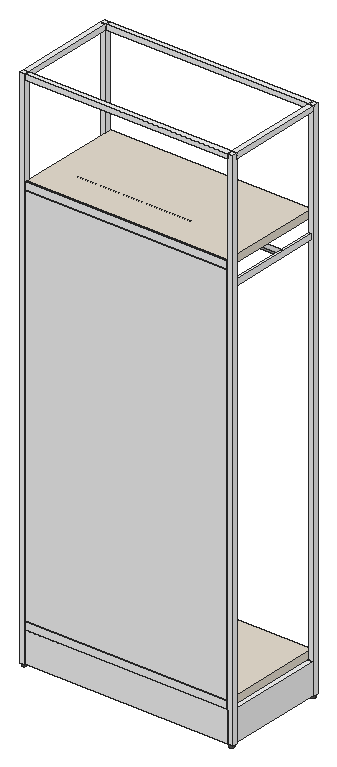
Revit family "Lives Shelf_Coat hanger Unit 900W450D2236H_ML1EHLN_m01", category Furniture, Revit 2019
Family settings
  OmniClass Number = 23.40.20.00
  OmniClass Title = General Furniture and Specialties
  Work Plane-Based = No
  Always vertical = Yes
  Cut with Voids When Loaded = No
  Shared = No
  Room Calculation Point = No
Parameters (values of type "MU03（プライズウッドライト/ネオホワイト）")
  Manufacturer = "株式会社オカムラ"
  製品名称 [instance] = "ライブス シェルフ"  # constant formula
  製品仕様 [instance] = "コートハンガーユニット ハイタイプ 木棚板"  # constant formula
  製品コード/色仕様 = "ML1EHE"  # constant formula
  製品コード [instance] = "ML1EHE"  # constant formula
  製品カテゴリ = "クリエイティブファニチュア"  # constant formula
  色仕様名称 [instance] = "プライズウッドライト/ネオホワイト"
  色仕様コード [instance] = "MU03"
  支柱 = okm_ZA75
  天板 = okm_MX61
  導入日 [instance] = ""
  区分 = "シェルフ"  # constant formula
  共通仕様 = ""
  備考 = ""
  シリアルNo [instance] = ""
  Keynote = "12490"
  Assembly Code = "E2020200"
  W = 35.43307"
  URL = "http://www.okamura.co.jp/"
  Product_URL = ""
  ID [instance] = ""
  H = 88.0315"
  D = 17.71654"
  Copyright [instance] = "©2020.04 okamura Corp."  # constant formula
Types (15): name | 色仕様名称 | 色仕様コード | 支柱 | 天板
  (no name) | "プライズウッドライト/ネオホワイト" | "MU03" | okm_ZA75 | okm_MX61
  MDY7（プライズウッドライト/ブラック） | "プライズウッドライト/ブラック" | "MDY7" | okm_Z25 | okm_MX61
  MDY8（プライズウッドミディアム/ブラック） | "プライズウッドミディアム/ブラック" | "MDY8" | okm_Z25 | okm_MX62
  MDY9（プライズウッドダーク/ブラック） | "プライズウッドダーク/ブラック" | "MDY9" | okm_Z25 | okm_MX63
  MU03（プライズウッドライト/ネオホワイト） | "プライズウッドライト/ネオホワイト" | "MU03" | okm_ZA75 | okm_MX61
  MU04（プライズウッドミディアム/ネオホワイト） | "プライズウッドミディアム/ネオホワイト" | "MU04" | okm_ZA75 | okm_MX62
  MU05（プライズウッドダーク/ネオホワイト） | "プライズウッドダーク/ネオホワイト" | "MU05" | okm_ZA75 | okm_MX63
  MGM4（ビンテージエルム/ネオホワイト） | "ビンテージエルム/ネオホワイト" | "MGM4" | okm_ZA75 | okm_MEP4
  MGM1（チョークドエルム/ネオホワイト） | "チョークドエルム/ネオホワイト" | "MGM1" | okm_ZA75 | okm_MEP1
  MGM2（ソーンオーク/ネオホワイト） | "ソーンオーク/ネオホワイト" | "MGM2" | okm_ZA75 | okm_MEP2
  MGM3（ラスティックパイン/ネオホワイト） | "ラスティックパイン/ネオホワイト" | "MGM3" | okm_ZA75 | okm_MEP3
  MGL4（ビンテージエルム/ブラック） | "ビンテージエルム/ブラック" | "MGL4" | okm_Z25 | okm_MEP4
  MGL1（チョークドエルム/ブラック） | "チョークドエルム/ブラック" | "MGL1" | okm_Z25 | okm_MEP1
  MGL2（ソーンオーク/ブラック） | "ソーンオーク/ブラック" | "MGL2" | okm_Z25 | okm_MEP2
  MGL3（ラスティックパイン/ブラック） | "ラスティックパイン/ブラック" | "MGL3" | okm_Z25 | okm_MEP3
Reference planes (in)
  plane 1 "中心(正面/背面)": y = -3.93701
  plane 2: z = 0
  plane 3 "中心(左/右)": x = -5.90551
  plane 4 "左": x = -23.62205
  plane 5 "右": x = 11.81102
  plane 6 "背面": y = 4.92126
  plane 7 "正面": y = -12.79528
  plane 8 "上": z = 88.0315
  plane 9: z = 87.20472
Forms (in)
  Extrusion 1, solid, material "okm_ZA75" <- "支柱"
    sketch origin (0, 0.04921, 0) x (1, 0, 0) y (0, 1, 0)
      loop
        line (10.88583, -11.91929) -> (10.88583, -12.74606) -> (11.7126, -12.74606) -> (11.7126, -11.91929) -> (10.88583, -11.91929)
      loop
        line (10.88583, 4.87205) -> (10.88583, 4.04528) -> (11.7126, 4.04528) -> (11.7126, 4.87205) -> (10.88583, 4.87205)
      loop
        line (-22.69685, -11.91929) -> (-23.52362, -11.91929) -> (-23.52362, -12.74606) -> (-22.69685, -12.74606) -> (-22.69685, -11.91929)
      loop
        line (-22.69685, 4.87205) -> (-23.52362, 4.87205) -> (-23.52362, 4.04528) -> (-22.69685, 4.04528) -> (-22.69685, 4.87205)
    from 0.3937 to 88.0315
  Extrusion 2, solid, material "okm_MX61" <- "天板"
    sketch origin (0, 0.04921, -7.45952) x (1, 0, 0) y (0, 1, 0)
      loop
        line (-22.61811, 4.87205) -> (-22.61811, -12.54921) -> (10.80709, -12.54921) -> (10.80709, 4.87205) -> (-22.61811, 4.87205)
    from 12.97134 to 14.15244
  Extrusion 3, solid, material "okm_ZA75" <- "支柱"
    sketch origin (0, 0.04921, 0) x (1, 0, 0) y (0, 1, 0)
      loop
        line (-23.52362, 4.04528) -> (-23.52362, -11.91929) -> (-22.69685, -11.91929) -> (-22.69685, 4.04528) -> (-23.52362, 4.04528)
      loop
        line (11.7126, 4.04528) -> (10.88583, 4.04528) -> (10.88583, -11.91929) -> (11.7126, -11.91929) -> (11.7126, 4.04528)
    from 88.0315 to 87.20472
  Extrusion 4, solid, material "okm_ZA75" <- "支柱"
    sketch origin (0, 0.04921, 18.11024) x (0, -1, 0) y (1, 0, 0)
      loop
        line (-4.04528, -22.61811) -> (-4.04528, -23.44488) -> (11.91929, -23.44488) -> (11.91929, -22.61811) -> (-4.04528, -22.61811)
      loop
        line (-4.04528, 11.63386) -> (-4.04528, 10.80709) -> (11.91929, 10.80709) -> (11.91929, 11.63386) -> (-4.04528, 11.63386)
    from -12.59843 to -17.71654
  Extrusion 5, solid, material "okm_ZA75" <- "支柱"
    sketch origin (-7.87402, -7.8248, 18.11024) x (-1, 0, 0) y (0, -1, 0)
      loop
        line (14.82283, -11.84055) -> (-18.75984, -11.84055) -> (-18.75984, -12.66732) -> (14.82283, -12.66732) -> (14.82283, -11.84055)
      loop
        line (14.82283, 4.79331) -> (-18.75984, 4.79331) -> (-18.75984, 3.96654) -> (14.82283, 3.96654) -> (14.82283, 4.79331)
    from -12.59843 to -17.71654
  Extrusion 6, solid, material "okm_G155"
    sketch origin (0, 0.04921, 0) x (1, 0, 0) y (0, 1, 0)
      loop
        circle (-23.11024, 4.45866) r 0.3937
      loop
        circle (-23.11024, -12.33268) r 0.3937
      loop
        circle (11.29921, 4.45866) r 0.3937
      loop
        circle (11.29921, -12.33268) r 0.3937
    from 0 to 0.3937
  Extrusion 7, solid, material "okm_ZA75" <- "支柱"
    sketch origin (-3.93701, 3.98622, 0) x (0, 1, 0) y (-1, 0, 0)
      loop
        line (-15.8563, -14.82283) -> (-15.8563, 18.75984) -> (-16.68307, 18.75984) -> (-16.68307, -14.82283) -> (-15.8563, -14.82283)
      loop
        line (0.93504, -14.82283) -> (0.93504, 18.75984) -> (0.10827, 18.75984) -> (0.10827, -14.82283) -> (0.93504, -14.82283)
    from 88.0315 to 87.20472
  Extrusion 8, solid, material "okm_MX61" <- "天板"
    sketch origin (0, 0.04921, 95.72642) x (1, 0, 0) y (0, 1, 0)
      loop
        line (-22.61811, 4.87205) -> (-22.61811, -12.54921) -> (10.80709, -12.54921) -> (10.80709, 4.87205) -> (-22.61811, 4.87205)
    from -24.86028 to -23.67918
  Extrusion 9, solid, material "okm_ZA75" <- "支柱"
    sketch origin (0, -3.93701, 0) x (1, 0, 0) y (0, 0, 1)
      loop
        line (-23.01181, 68.87008) -> (-23.01181, 67.88583) -> (-22.69685, 67.88583) -> (-22.69685, 68.87008) -> (-23.01181, 68.87008)
      loop
        line (10.88583, 68.87008) -> (10.88583, 67.88583) -> (11.20079, 67.88583) -> (11.20079, 68.87008) -> (10.88583, 68.87008)
    from -8.0315 to 7.93307
  Extrusion 10, solid, material "okm_FX4"
    sketch origin (-5.90551, 1.9685, 0) x (0, 1, 0) y (0, 0, 1)
      loop
        circle (-3.58268, 68.37795) r 0.43307
    from -16.79134 to 16.79134
  Extrusion 11, solid, material "okm_ZA75" <- "支柱"
    sketch origin (-5.90551, 0, 0) x (0, 1, 0) y (0, 0, 1)
      loop
        line (-12.69685, 70.70866) -> (-12.69685, 6.85039) -> (-11.87008, 6.85039) -> (-11.87008, 70.70866) -> (-12.69685, 70.70866)
      loop
        line (-12.69685, 72.04724) -> (-12.69685, 70.86614) -> (-12.5, 70.86614) -> (-12.5, 72.04724) -> (-12.69685, 72.04724)
      loop
        line (-12.5, 6.69291) -> (-12.69685, 6.69291) -> (-12.69685, 5.51181) -> (-12.5, 5.51181) -> (-12.5, 6.69291)
    from -16.7126 to 16.7126
Lines and regions (in)
  Masking region 1
    outline origin (0, 0, 0) x (1, 0, 0) y (0, 1, 0)
      loop
        line (-23.62205, 4.92126) -> (-23.62205, -12.79528) -> (11.81102, -12.79528) -> (11.81102, 4.92126) -> (-23.62205, 4.92126)
  symbolic lines, style "okm_簡略", detail levels coarse
    curve 1: line (11.81102, 4.92126, 0) -> (-23.62205, 4.92126, 0)
    curve 2: line (-23.62205, -12.79528, 0) -> (11.81102, -12.79528, 0)
    curve 3: line (-23.62205, 4.92126, 0) -> (-23.62205, -12.79528, 0)
    curve 7: line (11.81102, 4.92126, 0) -> (11.81102, -12.79528, 0)
    curve 13: line (11.81102, 4.09449, 0) -> (-23.62205, 4.09449, 0)
    curve 14: line (-23.62205, -11.9685, 0) -> (11.81102, -11.9685, 0)
    curve 15: line (-22.79528, 4.92126, 0) -> (-22.79528, -12.79528, 0)
    curve 16: line (10.98425, -12.79528, 0) -> (10.98425, 4.92126, 0)
    curve 17: line (-22.79528, -3.14961, 0) -> (10.98425, -3.14961, 0)
    curve 18: line (10.98425, -4.01575, 0) -> (-22.79528, -4.01575, 0)
  symbolic lines, style "okm_標準・詳細", detail levels medium+fine
    curve 4: line (-23.62205, 4.92126, 0) -> (11.81102, 4.92126, 0)
    curve 5: line (-23.62205, -12.79528, 0) -> (-23.62205, 4.92126, 0)
    curve 6: line (11.81102, -12.79528, 0) -> (-23.62205, -12.79528, 0)
    curve 8: line (11.81102, -12.79528, 0) -> (11.81102, 4.92126, 0)
    curve 9: line (11.81102, 4.09449, 0) -> (-23.62205, 4.09449, 0)
    curve 10: line (-22.79528, 4.92126, 0) -> (-22.79528, -12.79528, 0)
    curve 11: line (-23.62205, -11.9685, 0) -> (11.81102, -11.9685, 0)
    curve 12: line (10.98425, -12.79528, 0) -> (10.98425, 4.92126, 0)
    curve 19: line (10.98425, -3.14961, 0) -> (-22.79528, -3.14961, 0)
    curve 20: line (-22.79528, -4.01575, 0) -> (10.98425, -4.01575, 0)
Dimensions and locks (in)
  equal spacing: plane 4 "左", plane 3 "中心(左/右)", plane 5 "右"
  "W": plane 4 "左" to plane 5 "右"
  equal spacing: plane 7 "正面", plane 1 "中心(正面/背面)", plane 6 "背面"
  "D": plane 7 "正面" to plane 6 "背面"
  "H": plane 8 "上" to level
  locked: plane 8 "上" to plane 9 at 0.82677
  aligned and locked: level to plane 2
  aligned and locked: Extrusion 7 to Extrusion 1  (x4)
  aligned and locked: Extrusion 9 to Extrusion 1  (x2)
  aligned and locked: Extrusion 10 to Extrusion 1  (x2)
  aligned and locked: Extrusion 2 to plane 6 "背面"
Automatic sketch dimensions
  Masking region 1 sketch curve to plane 4 "左" = 0.0"
  Masking region 1 sketch curve to plane 5 "右" = 0.0"
  plane 7 "正面" to Masking region 1 sketch curve = 0.0"
  plane 6 "背面" to Masking region 1 sketch curve = 0.0"
  plane 6 "背面" to Extrusion 1 sketch curve = 0.0"  (x2)
  plane 4 "左" to Extrusion 1 sketch curve = 0.09843"  (x2)
  Extrusion 1 sketch curve to Extrusion 1 sketch curve = 0.82677"  (x4)
  Extrusion 1 sketch curve to plane 7 "正面" = 0.09843"  (x2)
  Extrusion 1 sketch curve to plane 5 "右" = 0.9252"  (x2)
  Extrusion 1 sketch curve to plane 5 "右" = 0.09843"  (x2)
  plane 6 "背面" to Extrusion 1 sketch curve = 0.82677"  (x2)
  plane 6 "背面" to Extrusion 2 sketch curve = 0.0"
  Extrusion 2 sketch curve to plane 7 "正面" = 0.29528"
  plane 4 "左" to Extrusion 2 sketch curve = 1.00394"
  Extrusion 2 sketch curve to plane 5 "右" = 1.00394"
  plane 4 "左" to Extrusion 3 sketch curve = 0.09843"
  Extrusion 3 sketch curve to Extrusion 3 sketch curve = 0.82677"
  Extrusion 3 sketch curve to plane 5 "右" = 0.9252"
  Extrusion 3 sketch curve to plane 5 "右" = 0.09843"
  Extrusion 3 sketch curve to plane 7 "正面" = 0.9252"  (x2)
  plane 6 "背面" to Extrusion 3 sketch curve = 0.82677"  (x2)
  plane 6 "背面" to Extrusion 4 sketch curve = 0.82677"  (x2)
  Extrusion 4 sketch curve to plane 7 "正面" = 0.9252"  (x2)
  Extrusion 4 sketch curve to plane 5 "右" = 0.17717"
  Extrusion 4 sketch curve to Extrusion 4 sketch curve = 0.82677"
  plane 4 "左" to Extrusion 4 sketch curve = 1.00394"
  plane 4 "左" to Extrusion 4 sketch curve = 0.17717"
  Extrusion 5 sketch curve to plane 5 "右" = 0.9252"  (x2)
  plane 4 "左" to Extrusion 5 sketch curve = 0.9252"  (x2)
  plane 6 "背面" to Extrusion 5 sketch curve = 0.07874"
  Extrusion 5 sketch curve to Extrusion 5 sketch curve = 0.82677"
  Extrusion 5 sketch curve to plane 7 "正面" = 1.00394"
  Extrusion 5 sketch curve to plane 7 "正面" = 0.17717"
  plane 4 "左" to Extrusion 6 sketch curve = 0.51181"  (x2)
  Extrusion 6 sketch curve to plane 5 "右" = 0.51181"  (x2)
  Extrusion 6 sketch curve to plane 7 "正面" = 0.51181"  (x2)
  plane 6 "背面" to Extrusion 6 sketch curve = 0.41339"  (x2)
  plane 6 "背面" to Extrusion 7 sketch curve = 0.0"
  Extrusion 7 sketch curve to plane 6 "背面" = 0.82677"
  plane 7 "正面" to Extrusion 7 sketch curve = 0.9252"
  plane 7 "正面" to Extrusion 7 sketch curve = 0.09843"
  Extrusion 7 sketch curve to plane 4 "左" = 0.9252"  (x2)
  plane 5 "右" to Extrusion 7 sketch curve = 0.9252"  (x2)
  plane 6 "背面" to Extrusion 8 sketch curve = 0.0"
  Extrusion 8 sketch curve to plane 7 "正面" = 0.29528"
  plane 4 "左" to Extrusion 8 sketch curve = 1.00394"
  Extrusion 8 sketch curve to plane 5 "右" = 1.00394"
  plane 4 "左" to Extrusion 9 sketch curve = 0.61024"
  Extrusion 9 sketch curve to Extrusion 9 sketch curve = 0.31496"  (x2)
  Extrusion 9 sketch curve to plane 5 "右" = 0.9252"
  Extrusion 9 sketch curve to plane 9 = 19.3189"  (x2)
  Extrusion 9 sketch curve to Extrusion 9 sketch curve = 0.98425"  (x2)
  Extrusion 10 sketch curve to plane 1 "中心(正面/背面)" = 2.32283"
  Extrusion 10 sketch curve to plane 9 = 18.82677"
  Extrusion 11 sketch curve to plane 7 "正面" = 0.09843"  (x3)
  Extrusion 11 sketch curve to Extrusion 11 sketch curve = 0.19685"  (x2)
  Extrusion 11 sketch curve to Extrusion 11 sketch curve = 0.62992"
  level to Extrusion 11 sketch curve = 5.51181"
  Extrusion 11 sketch curve to Extrusion 11 sketch curve = 1.1811"  (x2)
  Extrusion 11 sketch curve to Extrusion 11 sketch curve = 0.15748"  (x2)
  Extrusion 11 sketch curve to plane 9 = 16.49606"
  curve 11 to plane 4 "左" = 0.0"
  plane 6 "背面" to curve 15 = 0.0"
  plane 7 "正面" to curve 15 = 0.0"
  curve 14 to plane 5 "右" = 0.0"
  plane 1 "中心(正面/背面)" to curve 20 = 0.07874"
  plane 4 "左" to curve 20 = 0.82677"
  plane 4 "左" to curve 15 = 0.82677"
  curve 16 to plane 5 "右" = 0.82677"
  curve 12 to curve 16 = 0.0"
  curve 11 to plane 7 "正面" = 0.82677"
  curve 14 to curve 11 = 0.0"
  curve 18 to curve 20 = 0.0"
  curve 19 to plane 1 "中心(正面/背面)" = 0.7874"
  curve 17 to curve 19 = 0.0"
  curve 13 to curve 1 = 0.82677"
  curve 9 to curve 13 = 0.0"
  radius of Extrusion 6 sketch curve = 0.3937"  (x4)
  radius of Extrusion 10 sketch curve = 0.43307"
